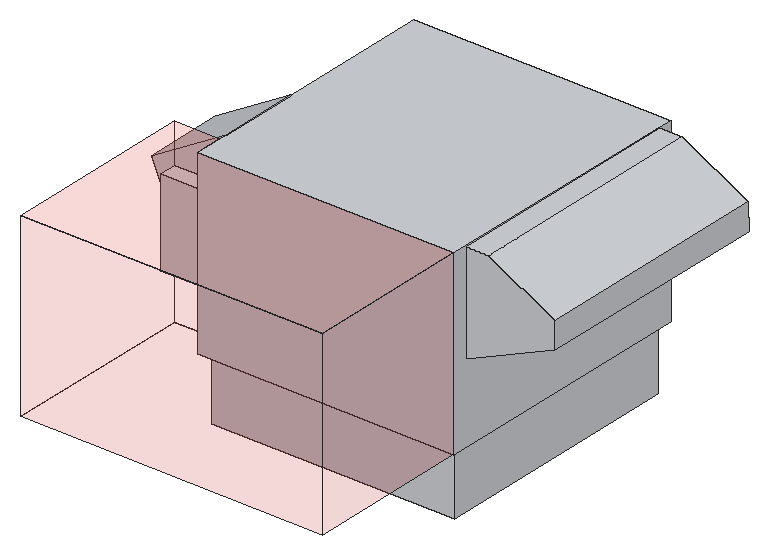
Revit family
Parameters (values of type "115 V Single Phase")
  Weight Scheduled [instance] = 726  # constant formula
  Voltage Workaround = Voltage / 1 V  # 115
  Voltage Scheduled = Voltage  # 115 V
  Voltage = 115 V
  VoltAmps Workaround [instance] = Voltage Workaround * Total FLA * sqrt(Phase)  # 0
  VoltAmps [instance] = VoltAmps Workaround * 1 VA  # 0 VA
  VFD [instance] = no
  URL = "http://www.renewaire.com/_assets/files/SubmittalForms/HE3XRTSubmittal.pdf"
  Total FLA [instance] = if(or(Supply Motor FLA = 0, Exhaust Motor FLA = 0), 0, (Supply Motor FLA * Supply Motor Count) + (Exhaust Motor FLA * Exhaust Motor Count))  # 0
  Supply Motor RPM Scheduled [instance] = Supply Motor RPM  # 0
  Supply Motor RPM [instance] = if(and(or(Supply ESP = 0, Supply ESP > 0), Supply ESP < 0.25), if(Supply Motor HP = 2, if(Supply CFM > 2630 CFM, 0, if(Supply CFM > 2380 CFM, 1488, if(Supply CFM > 2130 CFM, 1347, 1207))), if(Supply Motor HP = 3, if(Supply CFM > 2905 CFM, 0, if(Supply CFM > 2790 CFM, 1597, 1533)), if(Supply Motor HP = 5, if(Supply CFM > 3255 CFM, 0, if(Supply CFM > 3110 CFM, 1764, 1686)), 0))), if(and(or(Supply ESP = 0.25, Supply ESP > 0.25), Supply ESP < 0.5), if(Supply Motor HP = 2, if(Supply CFM > 2470 CFM, 0, if(Supply CFM > 2210 CFM, 1488, if(Supply CFM > 1940 CFM, 1347, 1207))), if(Supply Motor HP = 3, if(Supply CFM > 2810 CFM, 0, if(Supply CFM > 2785 CFM, 1661, if(Supply CFM > 2660 CFM, 1597, 1533))), if(Supply Motor HP = 5, if(Supply CFM > 3300 CFM, 0, if(Supply CFM > 2150 CFM, 1843, if(Supply CFM > 3000 CFM, 1764, 1686))), 0))), if(and(or(Supply ESP = 0.5, Supply ESP > 0.5), Supply ESP < 0.75), if(Supply Motor HP = 2, if(Supply CFM > 2300 CFM, 0, if(Supply CFM > 2005 CFM, 1488, if(Supply CFM > 1695 CFM, 1347, 1207))), if(Supply Motor HP = 3, if(Supply CFM > 2820 CFM, 0, if(Supply CFM > 2760 CFM, 1692, if(Supply CFM > 2630 CFM, 1661, if(Supply CFM > 2500 CFM, 1597, 1533)))), if(Supply Motor HP = 5, if(Supply CFM > 3200 CFM, 0, if(Supply CFM > 3045 CFM, 1843, if(Supply CFM > 2890 CFM, 1764, 1686))), 0))), if(and(or(Supply ESP = 0.75, Supply ESP > 0.75), Supply ESP < 1), if(Supply Motor HP = 2, if(Supply CFM > 2100 CFM, 0, if(Supply CFM > 1725 CFM, 1488, if(Supply CFM > 1340 CFM, 1347, 1207))), if(Supply Motor HP = 3, if(Supply CFM > 2665 CFM, 0, if(Supply CFM > 2585 CFM, 1692, if(Supply CFM > 2340 CFM, 1661, if(Supply CFM > 2290 CFM, 1597, 1533)))), if(Supply Motor HP = 5, if(Supply CFM > 3075 CFM, 0, if(Supply CFM > 2905 CFM, 1843, if(Supply CFM > 2730 CFM, 1764, 1686))), 0))), if(and(or(Supply ESP = 1, Supply ESP > 1), Supply ESP < 1.25), if(Supply Motor HP = 2, if(Supply CFM > 1800 CFM, 0, if(Supply CFM > 1365 CFM, 0.9, 0.5)), if(Supply Motor HP = 3, if(Supply CFM > 2450 CFM, 0, if(Supply CFM > 2365 CFM, 2.4, if(Supply CFM > 2200 CFM, 2.2, if(Supply CFM > 2040 CFM, 1.9, 1.6)))), if(Supply Motor HP = 5, if(Supply CFM > 2910 CFM, 0, if(Supply CFM > 2720 CFM, 3.4, if(Supply CFM > 2520 CFM, 2.9, 2.4))), 0))), if(and(or(Supply ESP = 1.25, Supply ESP > 1.25), Supply ESP < 1.5), if(Supply Motor HP = 2, if(Supply CFM > 1435 CFM, 0, 1488), if(Supply Motor HP = 3, if(Supply CFM > 2220 CFM, 0, if(Supply CFM > 2140 CFM, 1692, if(Supply CFM > 1955 CFM, 1661, if(Supply CFM > 1765 CFM, 1597, 1533)))), if(Supply Motor HP = 5, if(Supply CFM > 2715 CFM, 0, if(Supply CFM > 2520 CFM, 1843, if(Supply CFM > 2295 CFM, 1764, 1686))), 0))), if(Supply ESP = 1.5, if(Supply Motor HP = 2, if(Supply CFM > 820 CFM, 0, 1488), if(Supply Motor HP = 3, if(Supply CFM > 1980 CFM, 0, if(Supply CFM > 1890 CFM, 1692, if(Supply CFM > 1640 CFM, 1661, if(Supply CFM > 1265 CFM, 1597, 1533)))), if(Supply Motor HP = 5, if(Supply CFM > 2500 CFM, 0, if(Supply CFM > 2270 CFM, 1843, if(Supply CFM > 2000 CFM, 1764, 1686))), 0))), 0)))))))  # 0
  Supply Motor HP Scheduled [instance] = Supply Motor HP  # 0
  Supply Motor HP [instance] = 0
  Supply Motor FLA [instance] = if(VFD, if(Supply Motor BHP = 0, 0, if(Supply Motor HP = 2, if(and(or(Voltage = 208 V, Voltage = 230 V), Phase = 1), 6.1, if(and(or(Voltage = 208 V, Voltage = 230 V), Phase = 3), 6.1, if(and(Voltage = 460 V, Phase = 3), 2.9, if(and(Voltage = 575 V, Phase = 3), 2.4, 0)))), if(Supply Motor HP = 3, if(and(or(Voltage = 208 V, Voltage = 230 V), Phase = 1), 9.4, if(and(or(Voltage = 208 V, Voltage = 230 V), Phase = 3), 9.4, if(and(Voltage = 460 V, Phase = 3), 4.24, if(and(Voltage = 575 V, Phase = 3), 3.3, 0)))), if(Supply Motor HP = 5, if(and(or(Voltage = 208 V, Voltage = 230 V), Phase = 3), 14.5, if(and(Voltage = 460 V, Phase = 3), 6.7, if(and(Voltage = 575 V, Phase = 3), 5.3, 0))), 0)))), if(Supply Motor BHP = 0, 0, if(Supply Motor HP = 2, if(and(Voltage = 115 V, Phase = 1), 20, if(and(or(Voltage = 208 V, Voltage = 230 V), Phase = 1), 10.8, if(and(or(Voltage = 208 V, Voltage = 230 V), Phase = 3), 6.1, if(and(Voltage = 460 V, Phase = 3), 2.9, if(and(Voltage = 575 V, Phase = 3), 2.4, 0))))), if(Supply Motor HP = 3, if(and(or(Voltage = 208 V, Voltage = 230 V), Phase = 1), 13, if(and(or(Voltage = 208 V, Voltage = 230 V), Phase = 3), 9.4, if(and(Voltage = 460 V, Phase = 3), 4.2, if(and(Voltage = 575 V, Phase = 3), 3.3, 0)))), if(Supply Motor HP = 5, if(and(or(Voltage = 208 V, Voltage = 230 V), Phase = 3), 14.5, if(and(Voltage = 460 V, Phase = 3), 6.7, if(and(Voltage = 575 V, Phase = 3), 5.3, 0))), 0)))))  # 0
  Supply Motor Count Scheduled [instance] = Supply Motor Count  # 1
  Supply Motor Count [instance] = 1  # constant formula
  Supply Motor BHP [instance] = if(and(or(Supply ESP = 0, Supply ESP > 0), Supply ESP < 0.25), if(Supply Motor HP = 2, if(Supply CFM > 2630 CFM, 0, if(Supply CFM > 2380 CFM, 1.9, if(Supply CFM > 2130 CFM, 1.4, 1))), if(Supply Motor HP = 3, if(Supply CFM > 2905 CFM, 0, if(Supply CFM > 2790 CFM, 2.8, 2.5)), if(Supply Motor HP = 5, if(Supply CFM > 3255 CFM, 0, if(Supply CFM > 3110 CFM, 4, 3.5)), 0))), if(and(or(Supply ESP = 0.25, Supply ESP > 0.25), Supply ESP < 0.5), if(Supply Motor HP = 2, if(Supply CFM > 2470 CFM, 0, if(Supply CFM > 2210 CFM, 1.6, if(Supply CFM > 1940 CFM, 1.2, 0.8))), if(Supply Motor HP = 3, if(Supply CFM > 2810 CFM, 0, if(Supply CFM > 2785 CFM, 3, if(Supply CFM > 2660 CFM, 2.6, 2.3))), if(Supply Motor HP = 5, if(Supply CFM > 3300 CFM, 0, if(Supply CFM > 2150 CFM, 4.2, if(Supply CFM > 3000 CFM, 3.7, 3.2))), 0))), if(and(or(Supply ESP = 0.5, Supply ESP > 0.5), Supply ESP < 0.75), if(Supply Motor HP = 2, if(Supply CFM > 2300 CFM, 0, if(Supply CFM > 2005 CFM, 1.4, if(Supply CFM > 1695 CFM, 1, 0.6))), if(Supply Motor HP = 3, if(Supply CFM > 2820 CFM, 0, if(Supply CFM > 2760 CFM, 2.9, if(Supply CFM > 2630 CFM, 2.7, if(Supply CFM > 2500 CFM, 2.4, 2.1)))), if(Supply Motor HP = 5, if(Supply CFM > 3200 CFM, 0, if(Supply CFM > 3045 CFM, 4, if(Supply CFM > 2890 CFM, 3.5, 3))), 0))), if(and(or(Supply ESP = 0.75, Supply ESP > 0.75), Supply ESP < 1), if(Supply Motor HP = 2, if(Supply CFM > 2100 CFM, 0, if(Supply CFM > 1725 CFM, 1.2, if(Supply CFM > 1340 CFM, 0.8, 0.4))), if(Supply Motor HP = 3, if(Supply CFM > 2665 CFM, 0, if(Supply CFM > 2585 CFM, 2.7, if(Supply CFM > 2340 CFM, 2.5, if(Supply CFM > 2290 CFM, 2.1, 1.8)))), if(Supply Motor HP = 5, if(Supply CFM > 3075 CFM, 0, if(Supply CFM > 2905 CFM, 3.7, if(Supply CFM > 2730 CFM, 3.2, 2.7))), 0))), if(and(or(Supply ESP = 1, Supply ESP > 1), Supply ESP < 1.25), if(Supply Motor HP = 2, if(Supply CFM > 1800 CFM, 0, if(Supply CFM > 1365 CFM, 0.9, 0.5)), if(Supply Motor HP = 3, if(Supply CFM > 2450 CFM, 0, if(Supply CFM > 2365 CFM, 2.4, if(Supply CFM > 2200 CFM, 2.2, if(Supply CFM > 2040 CFM, 1.9, 1.6)))), if(Supply Motor HP = 5, if(Supply CFM > 2910 CFM, 0, if(Supply CFM > 2720 CFM, 3.4, if(Supply CFM > 2520 CFM, 2.9, 2.4))), 0))), if(and(or(Supply ESP = 1.25, Supply ESP > 1.25), Supply ESP < 1.5), if(Supply Motor HP = 2, if(Supply CFM > 1435 CFM, 0, 0.7), if(Supply Motor HP = 3, if(Supply CFM > 2220 CFM, 0, if(Supply CFM > 2140 CFM, 2.1, if(Supply CFM > 1955 CFM, 1.9, if(Supply CFM > 1765 CFM, 1.6, 1.3)))), if(Supply Motor HP = 5, if(Supply CFM > 2715 CFM, 0, if(Supply CFM > 2520 CFM, 3, if(Supply CFM > 2295 CFM, 2.5, 2.1))), 0))), if(Supply ESP = 1.5, if(Supply Motor HP = 2, if(Supply CFM > 820 CFM, 0, 0.4), if(Supply Motor HP = 3, if(Supply CFM > 1980 CFM, 0, if(Supply CFM > 1890 CFM, 1.8, if(Supply CFM > 1640 CFM, 1.6, if(Supply CFM > 1265 CFM, 1.3, 1)))), if(Supply Motor HP = 5, if(Supply CFM > 2500 CFM, 0, if(Supply CFM > 2270 CFM, 2.7, if(Supply CFM > 2000 CFM, 2.2, 1.8))), 0))), 0)))))))  # 0
  Supply ESP Scheduled [instance] = Supply ESP  # 0
  Supply ESP [instance] = 0
  Supply CFM Scheduled [instance] = Supply CFM  # 0 CFM
  Supply CFM [instance] = 0 CFM
  Supply Air Winter RH Scheduled [instance] = 0
  Supply Air Winter DB Scheduled [instance] = 0
  Supply Air Summer RH Scheduled [instance] = 0
  Supply Air Summer DB Scheduled [instance] = 0
  Phase Scheduled = Phase  # 1
  Phase = 1
  Outside Air Winter RH Scheduled [instance] = 0
  Outside Air Winter DB Scheduled [instance] = 0
  Outside Air Summer RH Scheduled [instance] = 0
  Outside Air Summer DB Scheduled [instance] = 0
  Number of Poles = 1
  Model = "HE3XRTR"
  Manufacturer = "RenewAire"
  MOCP Scheduled [instance] = MOCP  # 0
  MOCP [instance] = if(VFD, if(Total FLA = 0, 0, if(and(or(Voltage = 208 V, Voltage = 230 V), Phase = 1), if(and(Supply Motor HP = 2, Exhaust Motor HP = 2), 26, if(and(Supply Motor HP = 2, Exhaust Motor HP = 3), 33.9, if(and(Supply Motor HP = 3, Exhaust Motor HP = 2), 33.9, if(and(Supply Motor HP = 3, Exhaust Motor HP = 3), 40.2, 0)))), if(and(or(Voltage = 208 V, Voltage = 230 V), Phase = 3), if(and(Supply Motor HP = 2, Exhaust Motor HP = 2), 15, if(and(Supply Motor HP = 2, Exhaust Motor HP = 3), 19.6, if(and(Supply Motor HP = 2, Exhaust Motor HP = 5), 26.6, if(and(Supply Motor HP = 3, Exhaust Motor HP = 2), 19.6, if(and(Supply Motor HP = 3, Exhaust Motor HP = 3), 23.2, if(and(Supply Motor HP = 3, Exhaust Motor HP = 5), 30.3, if(and(Supply Motor HP = 5, Exhaust Motor HP = 2), 26.6, if(and(Supply Motor HP = 5, Exhaust Motor HP = 3), 30.3, if(and(Supply Motor HP = 5, Exhaust Motor HP = 5), 35.9, 0))))))))), if(and(Voltage = 460 V, Phase = 3), if(and(Supply Motor HP = 2, Exhaust Motor HP = 2), 7.2, if(and(Supply Motor HP = 2, Exhaust Motor HP = 3), 9, if(and(Supply Motor HP = 2, Exhaust Motor HP = 5), 12.4, if(and(Supply Motor HP = 3, Exhaust Motor HP = 2), 9, if(and(Supply Motor HP = 3, Exhaust Motor HP = 3), 10.5, if(and(Supply Motor HP = 3, Exhaust Motor HP = 5), 13.9, if(and(Supply Motor HP = 5, Exhaust Motor HP = 2), 12.4, if(and(Supply Motor HP = 5, Exhaust Motor HP = 3), 13.9, if(and(Supply Motor HP = 5, Exhaust Motor HP = 5), 16.6, 0))))))))), if(and(Voltage = 575 V, Phase = 3), if(and(Supply Motor HP = 2, Exhaust Motor HP = 2), 5.9, if(and(Supply Motor HP = 2, Exhaust Motor HP = 3), 7.2, if(and(Supply Motor HP = 2, Exhaust Motor HP = 5), 9.9, if(and(Supply Motor HP = 3, Exhaust Motor HP = 2), 7.2, if(and(Supply Motor HP = 3, Exhaust Motor HP = 3), 8.2, if(and(Supply Motor HP = 3, Exhaust Motor HP = 5), 10.9, if(and(Supply Motor HP = 5, Exhaust Motor HP = 2), 9.9, if(and(Supply Motor HP = 5, Exhaust Motor HP = 3), 10.9, if(and(Supply Motor HP = 5, Exhaust Motor HP = 5), 13.1, 0))))))))), 0))))), if(Total FLA = 0, 0, if(and(Voltage = 115 V, Phase = 1), if(and(Supply Motor HP = 2, Exhaust Motor HP = 2), 45, 0), if(and(or(Voltage = 208 V, Voltage = 230 V), Phase = 1), if(and(Supply Motor HP = 2, Exhaust Motor HP = 2), 24.3, if(and(Supply Motor HP = 2, Exhaust Motor HP = 3), 27.1, if(and(Supply Motor HP = 3, Exhaust Motor HP = 2), 27.1, if(and(Supply Motor HP = 3, Exhaust Motor HP = 3), 29.3, 0)))), if(and(or(Voltage = 208 V, Voltage = 230 V), Phase = 3), if(and(Supply Motor HP = 2, Exhaust Motor HP = 2), 13.6, if(and(Supply Motor HP = 2, Exhaust Motor HP = 3), 17.8, if(and(Supply Motor HP = 2, Exhaust Motor HP = 5), 24.2, if(and(Supply Motor HP = 3, Exhaust Motor HP = 2), 17.8, if(and(Supply Motor HP = 3, Exhaust Motor HP = 3), 21.1, if(and(Supply Motor HP = 3, Exhaust Motor HP = 5), 27.5, if(and(Supply Motor HP = 5, Exhaust Motor HP = 2), 24.2, if(and(Supply Motor HP = 5, Exhaust Motor HP = 3), 27.5, if(and(Supply Motor HP = 5, Exhaust Motor HP = 5), 32.6, 0))))))))), if(and(Voltage = 460 V, Phase = 3), if(and(Supply Motor HP = 2, Exhaust Motor HP = 2), 6.5, if(and(Supply Motor HP = 2, Exhaust Motor HP = 3), 8.2, if(and(Supply Motor HP = 2, Exhaust Motor HP = 5), 11.3, if(and(Supply Motor HP = 3, Exhaust Motor HP = 2), 8.2, if(and(Supply Motor HP = 3, Exhaust Motor HP = 3), 9.5, if(and(Supply Motor HP = 3, Exhaust Motor HP = 5), 12.6, if(and(Supply Motor HP = 5, Exhaust Motor HP = 2), 11.3, if(and(Supply Motor HP = 5, Exhaust Motor HP = 3), 12.6, if(and(Supply Motor HP = 5, Exhaust Motor HP = 5), 15.1, 0))))))))), if(and(Voltage = 575 V, Phase = 3), if(and(Supply Motor HP = 2, Exhaust Motor HP = 2), 5.4, if(and(Supply Motor HP = 2, Exhaust Motor HP = 3), 6.5, if(and(Supply Motor HP = 2, Exhaust Motor HP = 5), 9, if(and(Supply Motor HP = 3, Exhaust Motor HP = 2), 6.5, if(and(Supply Motor HP = 3, Exhaust Motor HP = 3), 7.4, if(and(Supply Motor HP = 3, Exhaust Motor HP = 5), 9.9, if(and(Supply Motor HP = 5, Exhaust Motor HP = 2), 9, if(and(Supply Motor HP = 5, Exhaust Motor HP = 3), 9.9, if(and(Supply Motor HP = 5, Exhaust Motor HP = 5), 11.9, 0))))))))), 0)))))))  # 0
  MCA Scheduled [instance] = MCA  # 0
  MCA [instance] = if(VFD, if(Total FLA = 0, 0, if(and(or(Voltage = 208 V, Voltage = 230 V), Phase = 1), if(and(Supply Motor HP = 2, Exhaust Motor HP = 2), 26, if(and(Supply Motor HP = 2, Exhaust Motor HP = 3), 33.9, if(and(Supply Motor HP = 3, Exhaust Motor HP = 2), 33.9, if(and(Supply Motor HP = 3, Exhaust Motor HP = 3), 40.2, 0)))), if(and(or(Voltage = 208 V, Voltage = 230 V), Phase = 3), if(and(Supply Motor HP = 2, Exhaust Motor HP = 2), 15, if(and(Supply Motor HP = 2, Exhaust Motor HP = 3), 19.6, if(and(Supply Motor HP = 2, Exhaust Motor HP = 5), 26.6, if(and(Supply Motor HP = 3, Exhaust Motor HP = 2), 19.6, if(and(Supply Motor HP = 3, Exhaust Motor HP = 3), 23.2, if(and(Supply Motor HP = 3, Exhaust Motor HP = 5), 30.3, if(and(Supply Motor HP = 5, Exhaust Motor HP = 2), 26.6, if(and(Supply Motor HP = 5, Exhaust Motor HP = 3), 30.3, if(and(Supply Motor HP = 5, Exhaust Motor HP = 5), 35.9, 0))))))))), if(and(Voltage = 460 V, Phase = 3), if(and(Supply Motor HP = 2, Exhaust Motor HP = 2), 7.2, if(and(Supply Motor HP = 2, Exhaust Motor HP = 3), 9, if(and(Supply Motor HP = 2, Exhaust Motor HP = 5), 12.4, if(and(Supply Motor HP = 3, Exhaust Motor HP = 2), 9, if(and(Supply Motor HP = 3, Exhaust Motor HP = 3), 10.5, if(and(Supply Motor HP = 3, Exhaust Motor HP = 5), 13.9, if(and(Supply Motor HP = 5, Exhaust Motor HP = 2), 12.4, if(and(Supply Motor HP = 5, Exhaust Motor HP = 3), 13.9, if(and(Supply Motor HP = 5, Exhaust Motor HP = 5), 16.6, 0))))))))), if(and(Voltage = 575 V, Phase = 3), if(and(Supply Motor HP = 2, Exhaust Motor HP = 2), 5.9, if(and(Supply Motor HP = 2, Exhaust Motor HP = 3), 7.2, if(and(Supply Motor HP = 2, Exhaust Motor HP = 5), 9.9, if(and(Supply Motor HP = 3, Exhaust Motor HP = 2), 7.2, if(and(Supply Motor HP = 3, Exhaust Motor HP = 3), 8.2, if(and(Supply Motor HP = 3, Exhaust Motor HP = 5), 10.9, if(and(Supply Motor HP = 5, Exhaust Motor HP = 2), 9.9, if(and(Supply Motor HP = 5, Exhaust Motor HP = 3), 10.9, if(and(Supply Motor HP = 5, Exhaust Motor HP = 5), 13.1, 0))))))))), 0))))), if(Total FLA = 0, 0, if(and(Voltage = 115 V, Phase = 1), if(and(Supply Motor HP = 2, Exhaust Motor HP = 2), 45, 0), if(and(or(Voltage = 208 V, Voltage = 230 V), Phase = 1), if(and(Supply Motor HP = 2, Exhaust Motor HP = 2), 24.3, if(and(Supply Motor HP = 2, Exhaust Motor HP = 3), 27.1, if(and(Supply Motor HP = 3, Exhaust Motor HP = 2), 27.1, if(and(Supply Motor HP = 3, Exhaust Motor HP = 3), 29.3, 0)))), if(and(or(Voltage = 208 V, Voltage = 230 V), Phase = 3), if(and(Supply Motor HP = 2, Exhaust Motor HP = 2), 13.6, if(and(Supply Motor HP = 2, Exhaust Motor HP = 3), 17.8, if(and(Supply Motor HP = 2, Exhaust Motor HP = 5), 24.2, if(and(Supply Motor HP = 3, Exhaust Motor HP = 2), 17.8, if(and(Supply Motor HP = 3, Exhaust Motor HP = 3), 21.1, if(and(Supply Motor HP = 3, Exhaust Motor HP = 5), 27.5, if(and(Supply Motor HP = 5, Exhaust Motor HP = 2), 24.2, if(and(Supply Motor HP = 5, Exhaust Motor HP = 3), 27.5, if(and(Supply Motor HP = 5, Exhaust Motor HP = 5), 32.6, 0))))))))), if(and(Voltage = 460 V, Phase = 3), if(and(Supply Motor HP = 2, Exhaust Motor HP = 2), 6.5, if(and(Supply Motor HP = 2, Exhaust Motor HP = 3), 8.2, if(and(Supply Motor HP = 2, Exhaust Motor HP = 5), 11.3, if(and(Supply Motor HP = 3, Exhaust Motor HP = 2), 8.2, if(and(Supply Motor HP = 3, Exhaust Motor HP = 3), 9.5, if(and(Supply Motor HP = 3, Exhaust Motor HP = 5), 12.6, if(and(Supply Motor HP = 5, Exhaust Motor HP = 2), 11.3, if(and(Supply Motor HP = 5, Exhaust Motor HP = 3), 12.6, if(and(Supply Motor HP = 5, Exhaust Motor HP = 5), 15.1, 0))))))))), if(and(Voltage = 575 V, Phase = 3), if(and(Supply Motor HP = 2, Exhaust Motor HP = 2), 5.4, if(and(Supply Motor HP = 2, Exhaust Motor HP = 3), 6.5, if(and(Supply Motor HP = 2, Exhaust Motor HP = 5), 9, if(and(Supply Motor HP = 3, Exhaust Motor HP = 2), 6.5, if(and(Supply Motor HP = 3, Exhaust Motor HP = 3), 7.4, if(and(Supply Motor HP = 3, Exhaust Motor HP = 5), 9.9, if(and(Supply Motor HP = 5, Exhaust Motor HP = 2), 9, if(and(Supply Motor HP = 5, Exhaust Motor HP = 3), 9.9, if(and(Supply Motor HP = 5, Exhaust Motor HP = 5), 11.9, 0))))))))), 0)))))))  # 0
  FLA Scheduled [instance] = Total FLA  # 0
  Exhaust RH Scheduled [instance] = 0
  Exhaust Motor RPM Scheduled [instance] = Exhaust Motor RPM  # 0
  Exhaust Motor RPM [instance] = if(and(or(Exhaust ESP = 0, Exhaust ESP > 0), Exhaust ESP < 0.25), if(Exhaust Motor HP = 2, if(Exhaust CFM > 2630 CFM, 0, if(Exhaust CFM > 2380 CFM, 1488, if(Exhaust CFM > 2130 CFM, 1347, 1207))), if(Exhaust Motor HP = 3, if(Exhaust CFM > 2905 CFM, 0, if(Exhaust CFM > 2790 CFM, 1597, 1533)), if(Exhaust Motor HP = 5, if(Exhaust CFM > 3255 CFM, 0, if(Exhaust CFM > 3110 CFM, 1764, 1686)), 0))), if(and(or(Exhaust ESP = 0.25, Exhaust ESP > 0.25), Exhaust ESP < 0.5), if(Exhaust Motor HP = 2, if(Exhaust CFM > 2470 CFM, 0, if(Exhaust CFM > 2210 CFM, 1488, if(Exhaust CFM > 1940 CFM, 1347, 1207))), if(Exhaust Motor HP = 3, if(Exhaust CFM > 2810 CFM, 0, if(Exhaust CFM > 2785 CFM, 1661, if(Exhaust CFM > 2660 CFM, 1597, 1533))), if(Exhaust Motor HP = 5, if(Exhaust CFM > 3300 CFM, 0, if(Exhaust CFM > 2150 CFM, 1843, if(Exhaust CFM > 3000 CFM, 1764, 1686))), 0))), if(and(or(Exhaust ESP = 0.5, Exhaust ESP > 0.5), Exhaust ESP < 0.75), if(Exhaust Motor HP = 2, if(Exhaust CFM > 2300 CFM, 0, if(Exhaust CFM > 2005 CFM, 1488, if(Exhaust CFM > 1695 CFM, 1347, 1207))), if(Exhaust Motor HP = 3, if(Exhaust CFM > 2820 CFM, 0, if(Exhaust CFM > 2760 CFM, 1692, if(Exhaust CFM > 2630 CFM, 1661, if(Exhaust CFM > 2500 CFM, 1597, 1533)))), if(Exhaust Motor HP = 5, if(Exhaust CFM > 3200 CFM, 0, if(Exhaust CFM > 3045 CFM, 1843, if(Exhaust CFM > 2890 CFM, 1764, 1686))), 0))), if(and(or(Exhaust ESP = 0.75, Exhaust ESP > 0.75), Exhaust ESP < 1), if(Exhaust Motor HP = 2, if(Exhaust CFM > 2100 CFM, 0, if(Exhaust CFM > 1725 CFM, 1488, if(Exhaust CFM > 1340 CFM, 1347, 1207))), if(Exhaust Motor HP = 3, if(Exhaust CFM > 2665 CFM, 0, if(Exhaust CFM > 2585 CFM, 1692, if(Exhaust CFM > 2340 CFM, 1661, if(Exhaust CFM > 2290 CFM, 1597, 1533)))), if(Exhaust Motor HP = 5, if(Exhaust CFM > 3075 CFM, 0, if(Exhaust CFM > 2905 CFM, 1843, if(Exhaust CFM > 2730 CFM, 1764, 1686))), 0))), if(and(or(Exhaust ESP = 1, Exhaust ESP > 1), Exhaust ESP < 1.25), if(Exhaust Motor HP = 2, if(Exhaust CFM > 1800 CFM, 0, if(Exhaust CFM > 1365 CFM, 0.9, 0.5)), if(Exhaust Motor HP = 3, if(Exhaust CFM > 2450 CFM, 0, if(Exhaust CFM > 2365 CFM, 2.4, if(Exhaust CFM > 2200 CFM, 2.2, if(Exhaust CFM > 2040 CFM, 1.9, 1.6)))), if(Exhaust Motor HP = 5, if(Exhaust CFM > 2910 CFM, 0, if(Exhaust CFM > 2720 CFM, 3.4, if(Exhaust CFM > 2520 CFM, 2.9, 2.4))), 0))), if(and(or(Exhaust ESP = 1.25, Exhaust ESP > 1.25), Exhaust ESP < 1.5), if(Exhaust Motor HP = 2, if(Exhaust CFM > 1435 CFM, 0, 1488), if(Exhaust Motor HP = 3, if(Exhaust CFM > 2220 CFM, 0, if(Exhaust CFM > 2140 CFM, 1692, if(Exhaust CFM > 1955 CFM, 1661, if(Exhaust CFM > 1765 CFM, 1597, 1533)))), if(Exhaust Motor HP = 5, if(Exhaust CFM > 2715 CFM, 0, if(Exhaust CFM > 2520 CFM, 1843, if(Exhaust CFM > 2295 CFM, 1764, 1686))), 0))), if(Exhaust ESP = 1.5, if(Exhaust Motor HP = 2, if(Exhaust CFM > 820 CFM, 0, 1488), if(Exhaust Motor HP = 3, if(Exhaust CFM > 1980 CFM, 0, if(Exhaust CFM > 1890 CFM, 1692, if(Exhaust CFM > 1640 CFM, 1661, if(Exhaust CFM > 1265 CFM, 1597, 1533)))), if(Exhaust Motor HP = 5, if(Exhaust CFM > 2500 CFM, 0, if(Exhaust CFM > 2270 CFM, 1843, if(Exhaust CFM > 2000 CFM, 1764, 1686))), 0))), 0)))))))  # 0
  Exhaust Motor HP Scheduled [instance] = Exhaust Motor HP  # 0
  Exhaust Motor HP [instance] = 0
  Exhaust Motor FLA [instance] = if(VFD, if(Exhaust Motor BHP = 0, 0, if(Exhaust Motor HP = 2, if(and(or(Voltage = 208 V, Voltage = 230 V), Phase = 1), 6.1, if(and(or(Voltage = 208 V, Voltage = 230 V), Phase = 3), 6.1, if(and(Voltage = 460 V, Phase = 3), 2.9, if(and(Voltage = 575 V, Phase = 3), 2.4, 0)))), if(Exhaust Motor HP = 3, if(and(or(Voltage = 208 V, Voltage = 230 V), Phase = 1), 9.4, if(and(or(Voltage = 208 V, Voltage = 230 V), Phase = 3), 9.4, if(and(Voltage = 460 V, Phase = 3), 4.24, if(and(Voltage = 575 V, Phase = 3), 3.3, 0)))), if(Exhaust Motor HP = 5, if(and(or(Voltage = 208 V, Voltage = 230 V), Phase = 3), 14.5, if(and(Voltage = 460 V, Phase = 3), 6.7, if(and(Voltage = 575 V, Phase = 3), 5.3, 0))), 0)))), if(Exhaust Motor BHP = 0, 0, if(Exhaust Motor HP = 2, if(and(Voltage = 115 V, Phase = 1), 20, if(and(or(Voltage = 208 V, Voltage = 230 V), Phase = 1), 10.8, if(and(or(Voltage = 208 V, Voltage = 230 V), Phase = 3), 6.1, if(and(Voltage = 460 V, Phase = 3), 2.9, if(and(Voltage = 575 V, Phase = 3), 2.4, 0))))), if(Exhaust Motor HP = 3, if(and(or(Voltage = 208 V, Voltage = 230 V), Phase = 1), 13, if(and(or(Voltage = 208 V, Voltage = 230 V), Phase = 3), 9.4, if(and(Voltage = 460 V, Phase = 3), 4.2, if(and(Voltage = 575 V, Phase = 3), 3.3, 0)))), if(Exhaust Motor HP = 5, if(and(or(Voltage = 208 V, Voltage = 230 V), Phase = 3), 14.5, if(and(Voltage = 460 V, Phase = 3), 6.7, if(and(Voltage = 575 V, Phase = 3), 5.3, 0))), 0)))))  # 0
  Exhaust Motor Count Scheduled [instance] = Exhaust Motor Count  # 1
  Exhaust Motor Count [instance] = 1  # constant formula
  Exhaust Motor BHP [instance] = if(and(or(Exhaust ESP = 0, Exhaust ESP > 0), Exhaust ESP < 0.25), if(Exhaust Motor HP = 2, if(Exhaust CFM > 2630 CFM, 0, if(Exhaust CFM > 2380 CFM, 1.9, if(Exhaust CFM > 2130 CFM, 1.4, 1))), if(Exhaust Motor HP = 3, if(Exhaust CFM > 2905 CFM, 0, if(Exhaust CFM > 2790 CFM, 2.8, 2.5)), if(Exhaust Motor HP = 5, if(Exhaust CFM > 3255 CFM, 0, if(Exhaust CFM > 3110 CFM, 4, 3.5)), 0))), if(and(or(Exhaust ESP = 0.25, Exhaust ESP > 0.25), Exhaust ESP < 0.5), if(Exhaust Motor HP = 2, if(Exhaust CFM > 2470 CFM, 0, if(Exhaust CFM > 2210 CFM, 1.6, if(Exhaust CFM > 1940 CFM, 1.2, 0.8))), if(Exhaust Motor HP = 3, if(Exhaust CFM > 2810 CFM, 0, if(Exhaust CFM > 2785 CFM, 3, if(Exhaust CFM > 2660 CFM, 2.6, 2.3))), if(Exhaust Motor HP = 5, if(Exhaust CFM > 3300 CFM, 0, if(Exhaust CFM > 2150 CFM, 4.2, if(Exhaust CFM > 3000 CFM, 3.7, 3.2))), 0))), if(and(or(Exhaust ESP = 0.5, Exhaust ESP > 0.5), Exhaust ESP < 0.75), if(Exhaust Motor HP = 2, if(Exhaust CFM > 2300 CFM, 0, if(Exhaust CFM > 2005 CFM, 1.4, if(Exhaust CFM > 1695 CFM, 1, 0.6))), if(Exhaust Motor HP = 3, if(Exhaust CFM > 2820 CFM, 0, if(Exhaust CFM > 2760 CFM, 2.9, if(Exhaust CFM > 2630 CFM, 2.7, if(Exhaust CFM > 2500 CFM, 2.4, 2.1)))), if(Exhaust Motor HP = 5, if(Exhaust CFM > 3200 CFM, 0, if(Exhaust CFM > 3045 CFM, 4, if(Exhaust CFM > 2890 CFM, 3.5, 3))), 0))), if(and(or(Exhaust ESP = 0.75, Exhaust ESP > 0.75), Exhaust ESP < 1), if(Exhaust Motor HP = 2, if(Exhaust CFM > 2100 CFM, 0, if(Exhaust CFM > 1725 CFM, 1.2, if(Exhaust CFM > 1340 CFM, 0.8, 0.4))), if(Exhaust Motor HP = 3, if(Exhaust CFM > 2665 CFM, 0, if(Exhaust CFM > 2585 CFM, 2.7, if(Exhaust CFM > 2340 CFM, 2.5, if(Exhaust CFM > 2290 CFM, 2.1, 1.8)))), if(Exhaust Motor HP = 5, if(Exhaust CFM > 3075 CFM, 0, if(Exhaust CFM > 2905 CFM, 3.7, if(Exhaust CFM > 2730 CFM, 3.2, 2.7))), 0))), if(and(or(Exhaust ESP = 1, Exhaust ESP > 1), Exhaust ESP < 1.25), if(Exhaust Motor HP = 2, if(Exhaust CFM > 1800 CFM, 0, if(Exhaust CFM > 1365 CFM, 0.9, 0.5)), if(Exhaust Motor HP = 3, if(Exhaust CFM > 2450 CFM, 0, if(Exhaust CFM > 2365 CFM, 2.4, if(Exhaust CFM > 2200 CFM, 2.2, if(Exhaust CFM > 2040 CFM, 1.9, 1.6)))), if(Exhaust Motor HP = 5, if(Exhaust CFM > 2910 CFM, 0, if(Exhaust CFM > 2720 CFM, 3.4, if(Exhaust CFM > 2520 CFM, 2.9, 2.4))), 0))), if(and(or(Exhaust ESP = 1.25, Exhaust ESP > 1.25), Exhaust ESP < 1.5), if(Exhaust Motor HP = 2, if(Exhaust CFM > 1435 CFM, 0, 0.7), if(Exhaust Motor HP = 3, if(Exhaust CFM > 2220 CFM, 0, if(Exhaust CFM > 2140 CFM, 2.1, if(Exhaust CFM > 1955 CFM, 1.9, if(Exhaust CFM > 1765 CFM, 1.6, 1.3)))), if(Exhaust Motor HP = 5, if(Exhaust CFM > 2715 CFM, 0, if(Exhaust CFM > 2520 CFM, 3, if(Exhaust CFM > 2295 CFM, 2.5, 2.1))), 0))), if(Exhaust ESP = 1.5, if(Exhaust Motor HP = 2, if(Exhaust CFM > 820 CFM, 0, 0.4), if(Exhaust Motor HP = 3, if(Exhaust CFM > 1980 CFM, 0, if(Exhaust CFM > 1890 CFM, 1.8, if(Exhaust CFM > 1640 CFM, 1.6, if(Exhaust CFM > 1265 CFM, 1.3, 1)))), if(Exhaust Motor HP = 5, if(Exhaust CFM > 2500 CFM, 0, if(Exhaust CFM > 2270 CFM, 2.7, if(Exhaust CFM > 2000 CFM, 2.2, 1.8))), 0))), 0)))))))  # 0
  Exhaust ESP Scheduled [instance] = Exhaust ESP  # 0
  Exhaust ESP [instance] = 0
  Exhaust DB Scheduled [instance] = 0
  Exhaust CFM Scheduled [instance] = Exhaust CFM  # 0 CFM
  Exhaust CFM [instance] = 0 CFM
  Enthalpy Effect Winter Scheduled [instance] = 0
  Enthalpy Effect Summer Scheduled [instance] = 0
Types (8): name | Voltage Workaround | Voltage Scheduled | Voltage | VFD | Phase Scheduled | Phase | Number of Poles
  (no name) | 115 | 115 V | 115 V | no | 1 | 1 | 1
  208 V Single Phase | 208 | 208 V | 208 V | yes | 1 | 1 | 2
  230 V Single Phase | 230 | 230 V | 230 V | yes | 1 | 1 | 2
  208 V Three Phase | 208 | 208 V | 208 V | yes | 3 | 3 | 3
  230 V Three Phase | 230 | 230 V | 230 V | yes | 3 | 3 | 3
  460 V Three Phase | 460 | 460 V | 460 V | yes | 3 | 3 | 3
  575 V Three Phase | 575 | 575 V | 575 V | yes | 3 | 3 | 3
  115 V Single Phase | 115 | 115 V | 115 V | no | 1 | 1 | 1
Reference planes (in)
  plane 1 "Center (Front/Back)": y = 0
  plane 2: z = 0
  plane 3 "Center (Left/Right)": x = 0
Forms (in)
  Extrusion 1, solid
    sketch origin (0, 0, 0) x (1, 0, 0) y (0, 1, 0)
      loop
        line (-28.625, 30.125) -> (-28.625, -30.125) -> (28.625, -30.125) -> (28.625, 30.125) -> (-28.625, 30.125)
    from 14 to 54.25
  Extrusion 2, solid
    sketch origin (0.25, 0, 0) x (1, 0, 0) y (0, 1, 0)
      loop
        line (-27.0625, 28.3125) -> (-27.0625, -28.3125) -> (27.0625, -28.3125) -> (27.0625, 28.3125) -> (-27.0625, 28.3125)
    from 0 to 14
  Extrusion 3, solid
    sketch origin (-28.625, 19.96648, 0) x (0, 1, 0) y (0, 0, -1)
      loop
        line (-43.77694, -45.375) -> (-43.77694, -26.125) -> (-47.77694, -26.125) -> (-47.77694, -45.375) -> (-43.77694, -45.375)
    from 0 to 10.125
  Extrusion 4, solid
    sketch origin (0.125, 0, 0) x (1, 0, 0) y (0, 1, 0)
      loop
        line (28.5, -30.125) -> (-28.75, -30.125) -> (-28.75, -23.81045) -> (-38.875, -23.81045) -> (-38.875, -66.875) -> (28.5, -66.875) -> (28.5, -30.125)
    from 14 to 54.25
  Extrusion 5, solid
    sketch origin (-28.625, 18.46648, 0) x (0, 1, 0) y (0, 0, -1)
      loop
        line (-27.09148, -31.5) -> (-27.09148, -19.5) -> (-39.09148, -19.5) -> (-39.09148, -31.5) -> (-27.09148, -31.5)
    from 0 to 1
  Extrusion 6, solid
    sketch origin (0.1875, 0, 0.09954) x (1, 0, 0) y (0, 0, 1)
      loop
        line (-43.60712, 39.2713) -> (-28.8125, 34.17711) -> (-28.8125, 54.15046) -> (-45.5625, 44.12084) -> (-43.60712, 39.2713)
    from 4 to 22
  Extrusion 7, solid
    sketch origin (1.5, 0, 0) x (1, 0, 0) y (0, 0, 1)
      loop
        line (27.125, 31.77258) -> (47, 40.48033) -> (47, 46.38737) -> (32.25, 54.25) -> (27.125, 54.25) -> (27.125, 31.77258)
    from -27 to 27
Cuts and joins
  joined: Extrusion 1, Extrusion 2, Extrusion 3, Extrusion 5
Lines and regions (in)
  Split face 1
    outline origin (0.25, 0, 0) x (1, 0, 0) y (0, 1, 0)
      loop
        line (11.9375, -9.8125) -> (25.1875, -9.8125) -> (25.1875, 26.4375) -> (11.9375, 26.4375) -> (11.9375, -9.8125)
Connectors (in)
  hvac at (18.8125, 8.3125, 0), driven by "Exhaust CFM"
    settings: on Extrusion 2, index 2, duct flow 0 CFM, flow factor 0, pres drop 0.00 in-wg, loss coef 0, conn angle 0.00°, conn width 14", conn height 36", conn radius 12", duct sys type 3, conn prof type 1, flow config 0, flow direction 1, loss method 0, conn ref index -1, conn util no, is conn primary yes, conn desc ""
  electrical at (-38.75, -25.81045, 35.75), driven by "VoltAmps", driven by "Voltage", driven by "Number of Poles"
    settings: on Extrusion 3, index 3, voltage 115 V, apparent load 0 VA, apparent load phase1 0 VA, apparent load phase2 0 VA, apparent load phase3 0 VA, power factor 1, load classification "HVAC", number of poles 1, system type 30, power factor state 1, is connector primary yes, connector utility no, sub classification motor no, connector description ""
  hvac at (-29.625, -14.625, 25.5), driven by "Supply CFM"
    settings: on Extrusion 5, index 4, duct flow 0 CFM, flow factor 0, pres drop 0.00 in-wg, loss coef 0, conn angle 0.00°, conn width 12", conn height 12", conn radius 12", duct sys type 1, conn prof type 1, flow config 0, flow direction 2, loss method 0, conn ref index -1, conn util no, is conn primary no, conn desc ""
